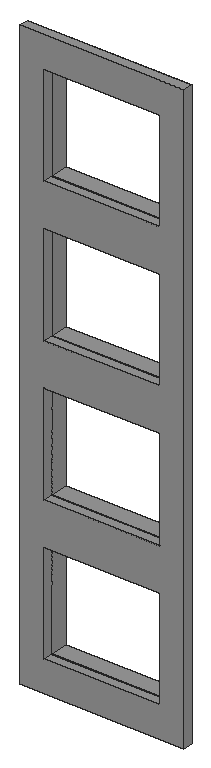
Revit family "IEK_РамкаЧетырехместная_Вертикальная_IP20_КВАРТА", category Обобщенные модели, Revit 2019
Family settings
  Может служить основой для арматурных стержней = Нет
  Размер круглого соединителя = Использовать диаметр
  Тип детали = Нормальный
  На основе рабочей плоскости = Нет
  Всегда вертикально = Да
  При загрузке вырезать с полостями = Нет
  Общий = Нет
  Точка расчета площади = Нет
Parameters (values of type "РВ-4-КБ")
  Ширина = 81 mm  # constant formula
  Степень защиты = "IP20"  # constant formula
  Изготовитель = "IEK"  # constant formula
  Дата изменения = ""
  Глубина = 4 mm  # constant formula
  Высота = 296 mm  # constant formula
  KSI_CPr_Строительные изделия = ""
  KSI_CMa_Строительные материалы = "01.7.14.03"  # constant formula
  IEK_Цена за единицу = 125.7
  IEK_Поиск в таблице имен = ""
  IEK_Описание = "Классический дизайн, проверенный временем и востребованный различными категориями потребителей, позволяет устанавливать изделия серии \"КВАРТА\" в квартирах, загородных домах, офисных и производственных помещениях."
  IEK_URL = "https://www.iek.ru/products/catalog/izdeliya_elektroustanovochnye_udliniteli_i_silovye_razemy/elektroustanovochnye_izdeliya/elektroustanovochnye_izdeliya_skrytogo_montazha/elektroustanovochnye_izdeliya_kvarta/elektroustanovochnye_izdeliya_kvarta_tsvet_belyy/ramka_4_mestnaya_vertikalnaya_rv_4_kb_kvarta_belyy_iek"
  ADSK_Примечание = ""
  ADSK_Позиция [instance] = ""
  ADSK_Наименование = "Рамка 4-местная вертикальная РВ-4-КБ КВАРТА белый IEK"
  ADSK_Материал обозначение = ""
  ADSK_Материал наименование = "Пластик"  # constant formula
  ADSK_Материал = Цвет белый
  ADSK_Масса = 0.059  # constant formula
  ADSK_Марка = "КВАРТА"  # constant formula
  ADSK_Код изделия = "EMK41-K01-DM"
  ADSK_Завод-изготовитель = "IEK"  # constant formula
  ADSK_Единица измерения = "шт"  # constant formula
  ADSK_Группирование = "III ЭЛЕКТРОУСТАНОВОЧНЫЕ И ЭЛЕКТРОМОНТАЖНЫЕ ИЗДЕЛИЯ"  # constant formula
  ADSK_Версия семейства = "1.0"  # constant formula
  ADSK_Версия Revit = "2019"  # constant formula
  ADSK_URL страницы изделия = "https://www.iek.ru/products/catalog/izdeliya_elektroustanovochnye_udliniteli_i_silovye_razemy/elektroustanovochnye_izdeliya/elektroustanovochnye_izdeliya_skrytogo_montazha/elektroustanovochnye_izdeliya_kvarta/?pagec=100"
Types (3, lengths in mm): name | IEK_Цена за единицу | IEK_URL | ADSK_Наименование | ADSK_Материал | ADSK_Код изделия
  (no name) | 125.7 | "https://www.iek.ru/products/catalog/izdeliya_elektroustanovochnye_udliniteli_i_silovye_razemy/elektroustanovochnye_izdeliya/elektroustanovochnye_izdeliya_skrytogo_montazha/elektroustanovochnye_izdeliya_kvarta/elektroustanovochnye_izdeliya_kvarta_tsvet_belyy/ramka_4_mestnaya_vertikalnaya_rv_4_kb_kvarta_belyy_iek" | "Рамка 4-местная вертикальная РВ-4-КБ КВАРТА белый IEK" | Цвет белый | "EMK41-K01-DM"
  РВ-4-КБ | 125.7 | "https://www.iek.ru/products/catalog/izdeliya_elektroustanovochnye_udliniteli_i_silovye_razemy/elektroustanovochnye_izdeliya/elektroustanovochnye_izdeliya_skrytogo_montazha/elektroustanovochnye_izdeliya_kvarta/elektroustanovochnye_izdeliya_kvarta_tsvet_belyy/ramka_4_mestnaya_vertikalnaya_rv_4_kb_kvarta_belyy_iek" | "Рамка 4-местная вертикальная РВ-4-КБ КВАРТА белый IEK" | Цвет белый | "EMK41-K01-DM"
  РВ-4-ККм | 110.56 | "https://www.iek.ru/products/catalog/izdeliya_elektroustanovochnye_udliniteli_i_silovye_razemy/elektroustanovochnye_izdeliya/elektroustanovochnye_izdeliya_skrytogo_montazha/elektroustanovochnye_izdeliya_kvarta/elektroustanovochnye_izdeliya_kvarta_tsvet_kremovyy/ramka_4_mestnaya_vertikalnaya_rv_4_kkm_kvarta_kremovyy_iek" | "Рамка 4-местная вертикальная РВ-4-ККм КВАРТА кремовый IEK" | Цвет кремовый | "EMK41-K33-DM"
Reference planes
  plane 1 "По центру (Вперед/Назад)": y = 0
  plane 2: z = 0
  plane 3 "По центру (Влево/Вправо)": x = 0
  plane 4 "Высота ножек": z = 280
  plane 5 "Высота": z = 2081.496
Forms (mm)
  Extrusion 1, solid, detail levels coarse+medium
    sketch origin (0, 0, 0) x (1, 0, 0) y (0, 1, 0)
      loop
        line (-40.5, 0) -> (40.5, 0) -> (40.5, 4) -> (-40.5, 4) -> (-40.5, 0)
    from 0 to 296
  Extrusion 2, solid, material "Цвет белый" <- "ADSK_Материал", detail levels fine
    sketch origin (0, 0, 146.75) x (0, 0, -1) y (-1, 0, 0)
      loop
        line (-146.75, 40.75) -> (-146.75, -40.75) -> (146.75, -40.75) -> (146.75, 40.75) -> (-146.75, 40.75)
    from 0 to 5
  Blend 3, solid, material "Цвет белый" <- "ADSK_Материал", detail levels fine
    base sketch origin (0, 0, 217.75) x (0, 0, -1) y (-1, 0, 0)
      loop
        line (-75.75, 40.75) -> (-75.75, -40.75) -> (0, -40.75) -> (0, 40.75) -> (-75.75, 40.75)
    top sketch origin (0, 0, 217.75) x (0, 0, -1) y (-1, 0, 0)
      loop
        line (-10.5, -29) -> (-10.5, 29) -> (-60.5, 29) -> (-60.5, -29) -> (-10.5, -29)
    from 5 to 14
  Extrusion 4, void
    sketch origin (0, 0, 217.75) x (0, 0, -1) y (-1, 0, 0)
      loop
        line (-60.5, 29) -> (-60.5, -29) -> (-10.5, -29) -> (-10.5, 29) -> (-60.5, 29)
      loop
        line (10.5, 29) -> (10.5, -29) -> (60.5, -29) -> (60.5, 29) -> (10.5, 29)
      loop
        line (81.5, 29) -> (81.5, -29) -> (131.5, -29) -> (131.5, 29) -> (81.5, 29)
      loop
        line (152.5, -29) -> (202.5, -29) -> (202.5, 29) -> (152.5, 29) -> (152.5, -29)
    from 0 to 14
  Blend 5, solid, material "Цвет белый" <- "ADSK_Материал", detail levels fine
    base sketch origin (0, 0, 75.75) x (0, 0, 1) y (1, 0, 0)
      loop
        line (-75.75, -40.75) -> (0, -40.75) -> (0, 40.75) -> (-75.75, 40.75) -> (-75.75, -40.75)
    top sketch origin (0, 0, 75.75) x (0, 0, 1) y (1, 0, 0)
      loop
        line (-60.5, 29) -> (-60.5, -29) -> (-10.5, -29) -> (-10.5, 29) -> (-60.5, 29)
    from 5 to 14
  Blend 6, solid, material "Цвет белый" <- "ADSK_Материал", detail levels fine
    base sketch origin (0, 0, 146.75) x (0, 0, -1) y (-1, 0, 0)
      loop
        line (-71, 40.75) -> (-71, -40.75) -> (0, -40.75) -> (0, 40.75) -> (-71, 40.75)
    top sketch origin (0, 0, 146.75) x (0, 0, -1) y (-1, 0, 0)
      loop
        line (-10.5, -29) -> (-10.5, 29) -> (-60.5, 29) -> (-60.5, -29) -> (-10.5, -29)
    from 5 to 14
  Blend 7, solid, material "Цвет белый" <- "ADSK_Материал", detail levels fine
    base sketch origin (0, 0, 146.75) x (0, 0, 1) y (1, 0, 0)
      loop
        line (-71, -40.75) -> (0, -40.75) -> (0, 40.75) -> (-71, 40.75) -> (-71, -40.75)
    top sketch origin (0, 0, 146.75) x (0, 0, 1) y (1, 0, 0)
      loop
        line (-10.5, 29) -> (-60.5, 29) -> (-60.5, -29) -> (-10.5, -29) -> (-10.5, 29)
    from 5 to 14
Cuts and joins
  Extrusion 4 cuts Extrusion 2
  Extrusion 4 cuts Blend 3
  Extrusion 4 cuts Blend 6
  Extrusion 4 cuts Blend 7
  Extrusion 4 cuts Blend 5
Dimensions and locks
  locked: plane 4 "Высота ножек" to plane 2 at 280
  plane 5 "Высота" to plane 4 "Высота ножек" = 1801.496 mm
  aligned and locked: level to plane 2
